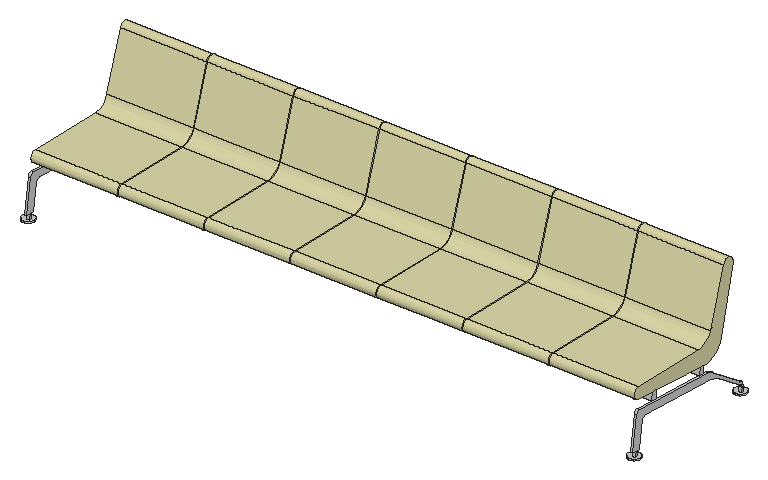
Revit family
Parameters (values of type "1800x700x800 mm")
  Assembly Code = ""
  Manufacturer = ""
  Model = ""
  지지 재료 = 직물 - 녹색(48)
  다리 재료 = 검은색 플라스틱
  손잡이 재료 = 직물 - 녹색(48)
  쿠션 재료 = 직물 - 녹색(48)
Reference planes
  plane 1: z = 0
  plane 2: x = -900
  plane 3: y = -350
  plane 4: z = 800
  plane 5: z = 530
  plane 6: x = -720
  plane 7: x = -310
  plane 8: y = -270
  plane 9: x = -210
  plane 10: x = 2180
Forms (mm)
  Extrusion 1, solid, material "Sofa- Material -1"
    sketch origin (1598.462, 0, 0) x (0, 1, 0) y (0, 0, 1)
      loop
        arc (383.692, 776.224) -> (357.977, 817.378) -> (316.823, 791.662) r 34.314
        line (316.823, 791.662) -> (207.357, 454.762)
        arc (207.357, 454.762) -> (171.415, 404.49) -> (113.093, 384.055) r 102.396
        line (113.093, 384.055) -> (-371.907, 384.055)
        arc (-371.907, 384.055) -> (-409.264, 351.582) -> (-376.79, 314.226) r 35
        line (-376.79, 314.226) -> (146.014, 277.668)
        arc (146.014, 277.668) -> (234.931, 302.431) -> (291.201, 375.597) r 145.92
        line (291.201, 375.597) -> (383.692, 776.224)
    from 21.538 to 581.538
  Extrusion 2, solid, material "Metal"
    sketch origin (1597.616, 0, 0) x (0, 1, 0) y (0, 0, 1)
      loop
        line (-442.018, 31.981) -> (-396.389, 31.981) -> (-370.874, 193.077)
        arc (-370.874, 193.077) -> (-361.94, 208.551) -> (-344.946, 214.073) r 24.931
        line (-344.946, 214.073) -> (199.085, 181.591)
        arc (199.085, 181.591) -> (217.338, 179.165) -> (234.359, 172.14) r 71.223
        line (234.359, 172.14) -> (426.342, 50.539)
        arc (426.342, 50.539) -> (428.803, 48.568) -> (430.774, 46.107) r 14.31
        line (430.774, 46.107) -> (435.332, 33.583) -> (445.332, 33.583) -> (442.34, 54.873)
        arc (442.34, 54.873) -> (440.933, 58.444) -> (438.058, 60.988) r 8.222
        line (438.058, 60.988) -> (204.326, 217.188)
        arc (204.326, 217.188) -> (188.267, 225.033) -> (170.7, 228.321) r 66.542
        line (170.7, 228.321) -> (-386.41, 261.583)
        arc (-386.41, 261.583) -> (-402.577, 254.887) -> (-409.274, 238.72) r 22.863
        line (-409.274, 238.72) -> (-442.018, 31.981)
    from 5.521 to 22.384
  Extrusion 3, solid, material "Metal"
    sketch origin (1598.462, 0, 0) x (0, 1, 0) y (0, 0, 1)
      loop
        line (-263.762, 306.322) -> (-267.888, 254.794) -> (-239.746, 252.827) -> (-236.666, 304.427) -> (-263.762, 306.322)
    from 4.674 to 3941.538
  Extrusion 4, solid, material "Metal"
    sketch origin (1598.462, 388.742, -29.109) x (0, 1, 0) y (0, 0, 1)
      loop
        line (-263.762, 306.322) -> (-267.46, 260.141) -> (-243.956, 258.498) -> (-241.195, 304.744) -> (-263.762, 306.322)
    from 4.674 to 3941.538
  Extrusion 5, solid, material "Metal"
    sketch origin (-5.278, 0, 0) x (1, 0, 0) y (0, 1, 0)
      loop
        circle (1615.315, -421.651) r 40
    from 0 to 5.114
  Extrusion 6, solid, material "Metal"
    sketch origin (-5.681, 0.625, 0) x (1, 0, 0) y (0, 1, 0)
      loop
        circle (1617.031, -422.208) r 10
    from 0 to 31.981
  Extrusion 7, solid, material "Metal"
    sketch origin (-5.278, 862.311, 0) x (1, 0, 0) y (0, 1, 0)
      loop
        circle (1615.315, -421.651) r 40
    from 0 to 5.114
  Extrusion 8, solid, material "Metal"
    sketch origin (-5.681, 862.936, 0) x (1, 0, 0) y (0, 1, 0)
      loop
        circle (1617.031, -422.208) r 10
    from 0 to 31.981
  Extrusion 9, solid, material "Metal", not visible
    sketch origin (1597.616, 0, 0) x (0, 1, 0) y (0, 0, 1)
      loop
        line (-442.018, 31.981) -> (-396.389, 31.981) -> (-370.874, 193.077)
        arc (-370.874, 193.077) -> (-361.94, 208.551) -> (-344.946, 214.073) r 24.931
        line (-344.946, 214.073) -> (199.085, 181.591)
        arc (199.085, 181.591) -> (217.338, 179.165) -> (234.359, 172.14) r 71.223
        line (234.359, 172.14) -> (426.342, 50.539)
        arc (426.342, 50.539) -> (428.803, 48.568) -> (430.774, 46.107) r 14.31
        line (430.774, 46.107) -> (435.332, 33.583) -> (445.332, 33.583) -> (442.34, 54.873)
        arc (442.34, 54.873) -> (440.933, 58.444) -> (438.058, 60.988) r 8.222
        line (438.058, 60.988) -> (204.326, 217.188)
        arc (204.326, 217.188) -> (188.267, 225.033) -> (170.7, 228.321) r 66.542
        line (170.7, 228.321) -> (-386.41, 261.583)
        arc (-386.41, 261.583) -> (-402.577, 254.887) -> (-409.274, 238.72) r 22.863
        line (-409.274, 238.72) -> (-442.018, 31.981)
    from 5.521 to 22.384
  Extrusion 10, solid, material "Metal", not visible
    sketch origin (-5.278, 0, 0) x (1, 0, 0) y (0, 1, 0)
      loop
        circle (1615.315, -421.651) r 40
    from 0 to 5.114
  Extrusion 11, solid, material "Metal", not visible
    sketch origin (-5.681, 0.625, 0) x (1, 0, 0) y (0, 1, 0)
      loop
        circle (1617.031, -422.208) r 10
    from 0 to 31.981
  Extrusion 12, solid, material "Metal", not visible
    sketch origin (-5.278, 862.311, 0) x (1, 0, 0) y (0, 1, 0)
      loop
        circle (1615.315, -421.651) r 40
    from 0 to 5.114
  Extrusion 13, solid, material "Metal", not visible
    sketch origin (-5.681, 862.936, 0) x (1, 0, 0) y (0, 1, 0)
      loop
        circle (1617.031, -422.208) r 10
    from 0 to 31.981
  Extrusion 14, solid, material "Metal"
    sketch origin (5534.479, 0, 0) x (0, 1, 0) y (0, 0, 1)
      loop
        line (-442.018, 31.981) -> (-396.389, 31.981) -> (-370.874, 193.077)
        arc (-370.874, 193.077) -> (-361.94, 208.551) -> (-344.946, 214.073) r 24.931
        line (-344.946, 214.073) -> (199.085, 181.591)
        arc (199.085, 181.591) -> (217.338, 179.165) -> (234.359, 172.14) r 71.223
        line (234.359, 172.14) -> (426.342, 50.539)
        arc (426.342, 50.539) -> (428.803, 48.568) -> (430.774, 46.107) r 14.31
        line (430.774, 46.107) -> (435.332, 33.583) -> (445.332, 33.583) -> (442.34, 54.873)
        arc (442.34, 54.873) -> (440.933, 58.444) -> (438.058, 60.988) r 8.222
        line (438.058, 60.988) -> (204.326, 217.188)
        arc (204.326, 217.188) -> (188.267, 225.033) -> (170.7, 228.321) r 66.542
        line (170.7, 228.321) -> (-386.41, 261.583)
        arc (-386.41, 261.583) -> (-402.577, 254.887) -> (-409.274, 238.72) r 22.863
        line (-409.274, 238.72) -> (-442.018, 31.981)
    from 5.521 to 22.384
  Extrusion 15, solid, material "Metal"
    sketch origin (3931.586, 0, 0) x (1, 0, 0) y (0, 1, 0)
      loop
        circle (1615.315, -421.651) r 40
    from 0 to 5.114
  Extrusion 16, solid, material "Metal"
    sketch origin (3931.182, 0.625, 0) x (1, 0, 0) y (0, 1, 0)
      loop
        circle (1617.031, -422.208) r 10
    from 0 to 31.981
  Extrusion 17, solid, material "Metal"
    sketch origin (3931.586, 862.311, 0) x (1, 0, 0) y (0, 1, 0)
      loop
        circle (1615.315, -421.651) r 40
    from 0 to 5.114
  Extrusion 18, solid, material "Metal"
    sketch origin (3931.182, 862.936, 0) x (1, 0, 0) y (0, 1, 0)
      loop
        circle (1617.031, -422.208) r 10
    from 0 to 31.981
  Extrusion 19, solid, material "Sofa- Material -1"
    sketch origin (2158.462, 0, 0) x (0, 1, 0) y (0, 0, 1)
      loop
        arc (383.692, 776.224) -> (357.977, 817.378) -> (316.823, 791.662) r 34.314
        line (316.823, 791.662) -> (207.357, 454.762)
        arc (207.357, 454.762) -> (171.415, 404.49) -> (113.093, 384.055) r 102.396
        line (113.093, 384.055) -> (-371.907, 384.055)
        arc (-371.907, 384.055) -> (-409.264, 351.582) -> (-376.79, 314.226) r 35
        line (-376.79, 314.226) -> (146.014, 277.668)
        arc (146.014, 277.668) -> (234.931, 302.431) -> (291.201, 375.597) r 145.92
        line (291.201, 375.597) -> (383.692, 776.224)
    from 21.538 to 581.538
  Extrusion 20, solid, material "Sofa- Material -1"
    sketch origin (2718.462, 0, 0) x (0, 1, 0) y (0, 0, 1)
      loop
        arc (383.692, 776.224) -> (357.977, 817.378) -> (316.823, 791.662) r 34.314
        line (316.823, 791.662) -> (207.357, 454.762)
        arc (207.357, 454.762) -> (171.415, 404.49) -> (113.093, 384.055) r 102.396
        line (113.093, 384.055) -> (-371.907, 384.055)
        arc (-371.907, 384.055) -> (-409.264, 351.582) -> (-376.79, 314.226) r 35
        line (-376.79, 314.226) -> (146.014, 277.668)
        arc (146.014, 277.668) -> (234.931, 302.431) -> (291.201, 375.597) r 145.92
        line (291.201, 375.597) -> (383.692, 776.224)
    from 21.538 to 581.538
  Extrusion 21, solid, material "Sofa- Material -1"
    sketch origin (3278.462, 0, 0) x (0, 1, 0) y (0, 0, 1)
      loop
        arc (383.692, 776.224) -> (357.977, 817.378) -> (316.823, 791.662) r 34.314
        line (316.823, 791.662) -> (207.357, 454.762)
        arc (207.357, 454.762) -> (171.415, 404.49) -> (113.093, 384.055) r 102.396
        line (113.093, 384.055) -> (-371.907, 384.055)
        arc (-371.907, 384.055) -> (-409.264, 351.582) -> (-376.79, 314.226) r 35
        line (-376.79, 314.226) -> (146.014, 277.668)
        arc (146.014, 277.668) -> (234.931, 302.431) -> (291.201, 375.597) r 145.92
        line (291.201, 375.597) -> (383.692, 776.224)
    from 21.538 to 581.538
  Extrusion 22, solid, material "Sofa- Material -1"
    sketch origin (3838.462, 0, 0) x (0, 1, 0) y (0, 0, 1)
      loop
        arc (383.692, 776.224) -> (357.977, 817.378) -> (316.823, 791.662) r 34.314
        line (316.823, 791.662) -> (207.357, 454.762)
        arc (207.357, 454.762) -> (171.415, 404.49) -> (113.093, 384.055) r 102.396
        line (113.093, 384.055) -> (-371.907, 384.055)
        arc (-371.907, 384.055) -> (-409.264, 351.582) -> (-376.79, 314.226) r 35
        line (-376.79, 314.226) -> (146.014, 277.668)
        arc (146.014, 277.668) -> (234.931, 302.431) -> (291.201, 375.597) r 145.92
        line (291.201, 375.597) -> (383.692, 776.224)
    from 21.538 to 581.538
  Extrusion 23, solid, material "Sofa- Material -1"
    sketch origin (4398.462, 0, 0) x (0, 1, 0) y (0, 0, 1)
      loop
        arc (383.692, 776.224) -> (357.977, 817.378) -> (316.823, 791.662) r 34.314
        line (316.823, 791.662) -> (207.357, 454.762)
        arc (207.357, 454.762) -> (171.415, 404.49) -> (113.093, 384.055) r 102.396
        line (113.093, 384.055) -> (-371.907, 384.055)
        arc (-371.907, 384.055) -> (-409.264, 351.582) -> (-376.79, 314.226) r 35
        line (-376.79, 314.226) -> (146.014, 277.668)
        arc (146.014, 277.668) -> (234.931, 302.431) -> (291.201, 375.597) r 145.92
        line (291.201, 375.597) -> (383.692, 776.224)
    from 21.538 to 581.538
  Extrusion 24, solid, material "Sofa- Material -1"
    sketch origin (4958.462, 0, 0) x (0, 1, 0) y (0, 0, 1)
      loop
        arc (383.692, 776.224) -> (357.977, 817.378) -> (316.823, 791.662) r 34.314
        line (316.823, 791.662) -> (207.357, 454.762)
        arc (207.357, 454.762) -> (171.415, 404.49) -> (113.093, 384.055) r 102.396
        line (113.093, 384.055) -> (-371.907, 384.055)
        arc (-371.907, 384.055) -> (-409.264, 351.582) -> (-376.79, 314.226) r 35
        line (-376.79, 314.226) -> (146.014, 277.668)
        arc (146.014, 277.668) -> (234.931, 302.431) -> (291.201, 375.597) r 145.92
        line (291.201, 375.597) -> (383.692, 776.224)
    from 21.538 to 581.538
Dimensions and locks
  plane 4 to level = 800 mm
  equal spacing: group 4, group 5, group 6, group 7, group 8, group 9, group 10  (x3)
